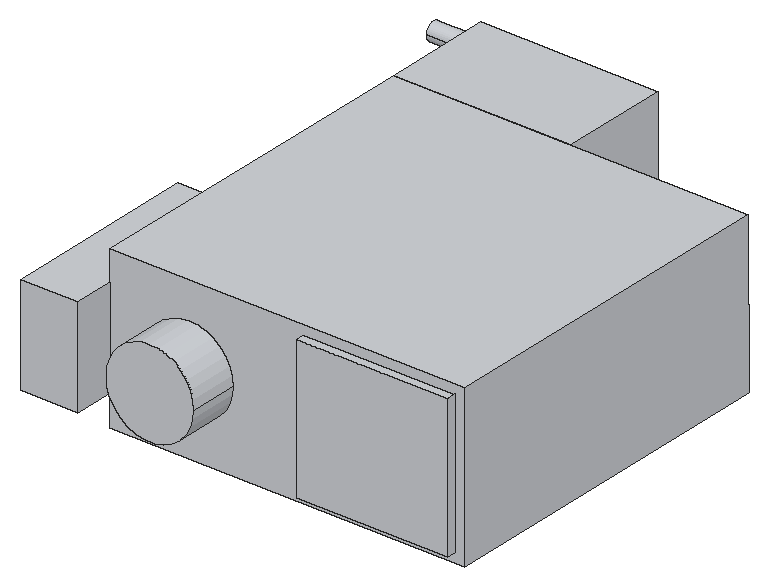
Revit family
Parameters (values of type "QSTW 1/2-hp - 10"")
  HWC Depth 1-Row "Z" = 12 1/4"
  HWC Conn Top = [Discharge Height "Y"] - 15/16"  # 16 9/16"
  HWC Conn "E" = 1 37/64"
  HWC Conn "D" = 15/16"
  HWC Conn "C" = 1 5/8"
  HWC Conn "B" = 3 25/64"
  HWC Conn = 1"
  Discharge Height "Y" = 17 1/2"
  Discharge Width "X" = 20"
  Width = 40"
  URL = "http://www.anemostat.com"
  Radius = Diameter / 2  # 4 15/16"
  Model = "QSTW"
  Manufacturer = "Anemostat"
  Length = 40"
  Induction Width "C" = 17"
  Height = 18"
  Duct Inlet Radius = Radius + 1/32"  # 4 31/32"
  Diameter = 9 7/8"
  Description = "Series Fan Powered Air Terminal with Hot Water Coil"
Types (15): name | HWC Conn Top | HWC Conn "C" | HWC Conn "B" | HWC Conn | Discharge Height "Y" | Discharge Width "X" | Width | Radius | Length | Induction Width "C" | Height | Duct Inlet Radius | Diameter
  (no name) | 16 9/16" | 1 5/8" | 3 25/64" | 1" | 17 1/2" | 20" | 40" | 4 15/16" | 40" | 17" | 18" | 4 31/32" | 9 7/8"
  QSTW 1/6-hp - 06" | 14 1/16" | 1 39/64" | 3 3/8" | 7/8" | 15" | 16" | 32" | 2 15/16" | 36" | 12" | 18" | 2 31/32" | 5 7/8"
  QSTW 1/6-hp - 07" | 14 1/16" | 1 39/64" | 3 3/8" | 1" | 15" | 16" | 32" | 3 7/16" | 36" | 12" | 18" | 3 15/32" | 6 7/8"
  QSTW 1/6-hp - 08" | 14 1/16" | 1 39/64" | 3 3/8" | 1" | 15" | 16" | 32" | 3 15/16" | 36" | 12" | 18" | 3 31/32" | 7 7/8"
  QSTW 1/4-hp - 08" | 16 9/16" | 1 5/8" | 3 25/64" | 1" | 17 1/2" | 20" | 32" | 3 15/16" | 36" | 12" | 18" | 3 31/32" | 7 7/8"
  QSTW 1/4-hp - 09" | 16 9/16" | 1 5/8" | 3 25/64" | 1" | 17 1/2" | 20" | 32" | 4 7/16" | 36" | 12" | 18" | 4 15/32" | 8 7/8"
  QSTW 1/4-hp - 10" | 16 9/16" | 1 5/8" | 3 25/64" | 1" | 17 1/2" | 20" | 32" | 4 15/16" | 36" | 12" | 18" | 4 31/32" | 9 7/8"
  QSTW 1/2-hp - 10" | 16 9/16" | 1 5/8" | 3 25/64" | 1" | 17 1/2" | 20" | 40" | 4 15/16" | 40" | 17" | 18" | 4 31/32" | 9 7/8"
  QSTW 1/2-hp - 12" | 16 9/16" | 1 5/8" | 3 25/64" | 1" | 17 1/2" | 20" | 40" | 5 15/16" | 40" | 17" | 18" | 5 31/32" | 11 7/8"
  QSTW 1/2-hp - 14" | 16 9/16" | 1 5/8" | 3 25/64" | 1" | 17 1/2" | 20" | 40" | 6 15/16" | 40" | 17" | 18" | 6 31/32" | 13 7/8"
  QSTW 3/4-hp - 12" | 16 9/16" | 1 39/64" | 3 3/8" | 1" | 17 1/2" | 24" | 48" | 5 15/16" | 48" | 21" | 20" | 5 31/32" | 11 7/8"
  QSTW 3/4-hp - 14" | 16 9/16" | 1 39/64" | 3 3/8" | 1" | 17 1/2" | 24" | 48" | 7 7/16" | 48" | 21" | 20" | 7 15/32" | 14 7/8"
  QSTW 1-hp - 12" | 16 9/16" | 1 39/64" | 3 3/8" | 1" | 17 1/2" | 24" | 48" | 5 15/16" | 48" | 21" | 20" | 5 31/32" | 11 7/8"
  QSTW 1-hp - 14" | 16 9/16" | 1 39/64" | 3 3/8" | 1" | 17 1/2" | 24" | 48" | 6 15/16" | 48" | 21" | 20" | 6 31/32" | 13 7/8"
  QSTW 1-hp - 16" | 16 9/16" | 1 39/64" | 3 3/8" | 1" | 17 1/2" | 24" | 48" | 7 15/16" | 48" | 21" | 20" | 7 31/32" | 15 7/8"
Reference planes (in)
  plane 1 "Center (Front/Back)": y = 0
  plane 2: z = 0
  plane 3 "Center (Left/Right)": x = 0
  plane 4 "Right Face": x = 20
  plane 5 "Left Face": x = -20
  plane 6 "Back of Box": y = 40
  plane 7 "Bottom Induction": z = 1
  plane 8 "Horiz. Centerline": z = 9
  plane 9 "Top Induction": z = 17
  plane 10 "Top of Box": z = 18
  plane 11 "Induction Right Edge": x = 18.875
  plane 12 "Inlet Left Edge": x = -16
  plane 13: y = -5.5
  plane 14: x = 1.875
  plane 15: x = -11.0625
  plane 16: z = 1.57813
  plane 17: z = 14.0625
  plane 18: y = 48.85937
  plane 19: y = 52.25
  plane 20: y = 50.625
  plane 21: z = 3.5
  plane 22: z = 14.625
  plane 23: y = -4.5
  plane 24: y = 17.75
  plane 25: z = 16.42188
  plane 26: z = 1.4375
  plane 27: z = 0.5
Forms (in)
  Extrusion 1, solid
    sketch origin (0, 0, 0) x (1, 0, 0) y (0, 0, 1)
      loop
        line (-20, 18) -> (-20, 0) -> (20, 0) -> (20, 18) -> (-20, 18)
    from 0 to -40
  Extrusion 2, solid
    sketch origin (0, 0, 0) x (1, 0, 0) y (0, 0, 1)
      loop
        line (18.875, 1) -> (18.875, 17) -> (1.875, 17) -> (1.875, 1) -> (18.875, 1)
    from 0 to 1
  Extrusion 3, solid
    sketch origin (0, 0, 0) x (1, 0, 0) y (0, 0, 1)
      loop
        circle (-11.0625, 9) r 4.9375
    from 0 to 5.5
  Extrusion 4, solid
    sketch origin (-20, 0, 0) x (0, -1, 0) y (0, 0, 1)
      loop
        line (4.5, 3.5) -> (4.5, 14.625) -> (-17.75, 14.625) -> (-17.75, 3.5) -> (4.5, 3.5)
    from 0 to 6.5
  Extrusion 5, solid
    sketch origin (-20, 0, 0) x (0, -1, 0) y (0, 0, 1)
      loop
        circle (-50.625, 16.42188) r 1
    from 0 to 4
  Extrusion 6, solid
    sketch origin (0, 40, 0) x (-1, 0, 0) y (0, 0, 1)
      loop
        line (20, 18) -> (0, 18) -> (0, 0.5) -> (20, 0.5) -> (20, 18)
    from 0 to 12.25 <- "HWC Depth 1-Row "Z""
  Extrusion 7, solid
    sketch origin (-20, 0, 0) x (0, -1, 0) y (0, 0, 1)
      loop
        circle (-48.85937, 1.4375) r 1
    from 0 to 4
Dimensions and locks (in)
  "Width": plane 5 "Left Face" to plane 4 "Right Face"
  "Height": plane 10 "Top of Box" to level
  equal spacing: plane 10 "Top of Box", plane 8 "Horiz. Centerline", level
  equal spacing: plane 5 "Left Face", plane 3 "Center (Left/Right)", plane 4 "Right Face"
  locked: plane 10 "Top of Box" to plane 9 "Top Induction" at 1
  locked: plane 7 "Bottom Induction" to level at 1
  locked: plane 4 "Right Face" to plane 11 "Induction Right Edge" at 1.125
  locked: plane 5 "Left Face" to plane 12 "Inlet Left Edge" at 4
  "Length": plane 1 "Center (Front/Back)" to plane 6 "Back of Box"
  "Induction Width "C"": plane 11 "Induction Right Edge" to plane 14
  "Radius": plane 15 to plane 12 "Inlet Left Edge"
  "HWC Depth 1-Row "Z"": plane 19 to plane 6 "Back of Box"
  "HWC Conn "B"": plane 19 to plane 18
  "HWC Conn "C"": plane 19 to plane 20
  locked: plane 21 to plane 2 at 3.5
  locked: plane 22 to plane 21 at 11.125
  locked: plane 1 "Center (Front/Back)" to plane 23 at 4.5
  locked: plane 24 to plane 23 at 22.25
  "HWC Conn "E"": plane 10 "Top of Box" to plane 25
  "Discharge Width "X"": Extrusion 6 sketch curve to Extrusion 6 sketch curve
  "Discharge Height "Y"": Extrusion 6 sketch curve to Extrusion 6 sketch curve
  "Discharge Height "Y"": plane 10 "Top of Box" to plane 27
  "HWC Conn "D"": plane 26 to plane 27
  "Radius": radius of Extrusion 3 sketch curve
  "HWC Conn": radius of Extrusion 5 sketch curve
  "HWC Conn": radius of Extrusion 7 sketch curve
  aligned and locked: plane 6 "Back of Box" to Extrusion 1
  aligned and locked: plane 23 to Extrusion 4 sketch curve
  aligned and locked: plane 21 to Extrusion 4 sketch curve
  aligned and locked: plane 22 to Extrusion 4 sketch curve
  aligned and locked: plane 24 to Extrusion 4 sketch curve
Automatic sketch dimensions
  Extrusion 1 sketch curve to level = 0"
  plane 5 "Left Face" to Extrusion 1 sketch curve = 0"
  Extrusion 1 sketch curve to plane 4 "Right Face" = 0"
  plane 10 "Top of Box" to Extrusion 1 sketch curve = 0"
  Extrusion 2 sketch curve to plane 7 "Bottom Induction" = 0"
  Extrusion 2 sketch curve to plane 14 = 0"
  Extrusion 2 sketch curve to plane 9 "Top Induction" = 0"
  Extrusion 2 sketch curve to plane 11 "Induction Right Edge" = 0"
  Extrusion 3 sketch curve to plane 8 "Horiz. Centerline" = 0"
  Extrusion 3 sketch curve to plane 15 = 0"
  Extrusion 5 sketch curve to plane 20 = 0"
  Extrusion 5 sketch curve to plane 25 = 0"
  plane 5 "Left Face" to Extrusion 6 sketch curve = 0"
  Extrusion 6 sketch curve to plane 10 "Top of Box" = 0"
  Extrusion 7 sketch curve to plane 18 = 0"
  Extrusion 7 sketch curve to plane 26 = 0"
Connectors (in)
  hvac at (-11.0625, -5.5, 9), driven by "Duct Inlet Radius"
    settings: on Extrusion 3, index 1
